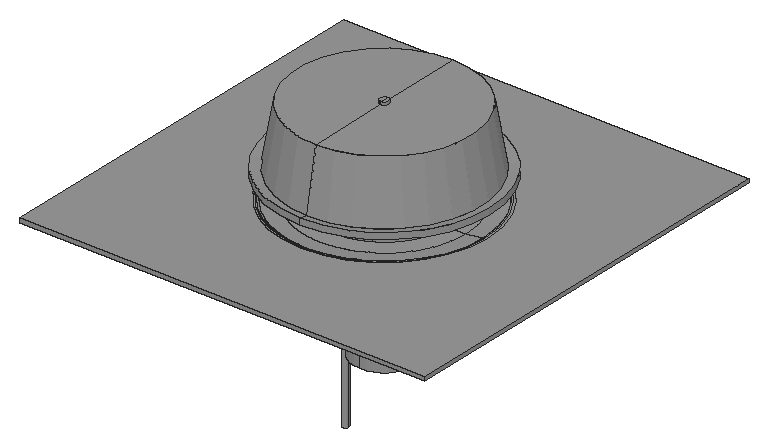
Revit family "HL_RU_Roof drain_HL62.1HSafe-B-221103", category Sanitärinstallationen, Revit 2020
Family settings
  Bemaßung runder Anschluss = Durchmesser verwenden
  Teiletyp = Normal
  OmniClass-Nummer = 23.70.50.21.24.14
  OmniClass-Titel = Deck Waste Water Drains
  Arbeitsebenenbasiert = Nein
  Immer vertikal = Ja
  Beim Laden mit Abzugskörper schneiden = Nein
  Gemeinsam genutzt = Nein
  Raumberechnungspunkt = Ja
Parameters (values of type "HL_Кровельная воронка_HL62.1HSafe_7")
  РЕШЁТКА = "Laubfangkorb d 262 mm"
  РАЗМЕР = "DN75"
  ПРОПУСКНАЯ СПОСОБНОСТЬ [instance] = 0.0 L/s
  ПРОИЗВОДИТЕЛЬНОСТЬ = "l/s"
  ПРАВОВАЯ ИНФОРМАЦИЯ = "Авторские права(©), права на дизайн или какие либо другие права интелектуальной собственности являются исключительной собственностью компании HL Hutterer & Lechner. Изменению не подлежит. Файл семейства с данными о прозводителе изделия защищен паролем с водяным знаком."
  НОМИНАЛЬНЫЙ ДИАМЕТР = 75 mm
  МАТЕРИАЛ = "PP"
  ВЫСОТА МОНТАЖА = "100mm"
  ВЕС = "3,371 [kg]"
  Vorgabe-Ansicht = 0 mm
  Hersteller = "HL Hutterer & Lechner GmbH"  # constant formula
  URL = "http://www.hutterer-lechner.com/ru/products/catalog/roof-drains/HL62.1HSafe/7.aspx"
  Материал плитка [instance] = none
  Lüftungsverbindung = no
  Abwasserrohrverbindung = yes
  HW-Verbindung = no
  KW-Verbindung = no
  Beschreibung = "Кровельные воронки"
  Model = "HL62.1HSafe_7"
  Assembly Code = " "
  Typenkommentare = "HL62.1HSafe/7, Воронка для аварийного водостока DN75 с электрообогревом, с полимербитумным полотном, с возможностью регулировки толщины слоя воды"
  Keynote = "HL62.1HSafe_7"
  Bысота монтажа [instance] = 28 mm  # constant formula
  G [instance] = 180.00°  # constant formula
  EAN = "9003076040704"
  D [instance] = if(НОМИНАЛЬНЫЙ ДИАМЕТР = 160 mm, 64.6 mm, 71.7 mm) + Bысота монтажа  # 99.7 mm
  C [instance] = if(Bысота монтажа - 68 mm < 0 mm, 0 mm, Bысота монтажа - 68 mm)  # 0 mm
  B [instance] = 100 mm  # constant formula
  A [instance] = if(B - 100 mm > 15 mm, B - 100 mm, 15 mm)  # 15 mm
Types (5, lengths in mm): name | РАЗМЕР | НОМИНАЛЬНЫЙ ДИАМЕТР | ВЕС | URL | Model | Typenkommentare | Keynote | EAN | D
  (no name) | "DN75" | 75 | "3,371 [kg]" | "http://www.hutterer-lechner.com/ru/products/catalog/roof-drains/HL62.1HSafe/7.aspx" | "HL62.1HSafe_7" | "HL62.1HSafe/7, Воронка для аварийного водостока DN75 с электрообогревом, с полимербитумным полотном, с возможностью регулировки толщины слоя воды" | "HL62.1HSafe_7" | "9003076040704" | 99.7
  HL_Кровельная воронка_HL62.1HSafe_1 | "DN110" | 110 | "3,611 [kg]" | "http://www.hutterer-lechner.com/ru/products/catalog/roof-drains/HL62.1HSafe/1.aspx" | "HL62.1HSafe_1" | "HL62.1HSafe/1, Воронка для аварийного водостока DN110 с электрообогревом, с полимербитумным полотном, с возможностью регулировки толщины слоя воды" | "HL62.1HSafe_1" | "9003076040674" | 99.7
  HL_Кровельная воронка_HL62.1HSafe_2 | "DN125" | 125 | "3,621 [kg]" | "http://www.hutterer-lechner.com/ru/products/catalog/roof-drains/HL62.1HSafe/2.aspx" | "HL62.1HSafe_2" | "HL62.1HSafe/2, Воронка для аварийного водостока DN125 с электрообогревом, с полимербитумным полотном, с возможностью регулировки толщины слоя воды" | "HL62.1HSafe_2" | "9003076040681" | 99.7
  HL_Кровельная воронка_HL62.1HSafe_5 | "DN160" | 160 | "3,631 [kg]" | "http://www.hutterer-lechner.com/ru/products/catalog/roof-drains/HL62.1HSafe/5.aspx" | "HL62.1HSafe_5" | "HL62.1HSafe/5, Воронка для аварийного водостока DN160 с электрообогревом, с полимербитумным полотном, с возможностью регулировки толщины слоя воды" | "HL62.1HSafe_5" | "9003076040698" | 92.6
  HL_Кровельная воронка_HL62.1HSafe_7 | "DN75" | 75 | "3,371 [kg]" | "http://www.hutterer-lechner.com/ru/products/catalog/roof-drains/HL62.1HSafe/7.aspx" | "HL62.1HSafe_7" | "HL62.1HSafe/7, Воронка для аварийного водостока DN75 с электрообогревом, с полимербитумным полотном, с возможностью регулировки толщины слоя воды" | "HL62.1HSafe_7" | "9003076040704" | 99.7
Reference planes
  plane 1 "Center (Front/Back)": y = 0
  plane 2: z = 0
  plane 3 "Center (Left/Right)": x = 0
  plane 4: z = -100
  plane 5: z = -28
Lines and regions (mm)
  model lines, style "InvisibleLines"
    curve 1: line (0, 0, 0) -> (0, 0, 20)
  model lines, style "PlumbingFixtures", detail levels coarse+medium
    curve 2: line (0, 0, -100) -> (0, 0, -85)
    curve 3: line (0, 0, -85) -> (-85, 0, 0)
    curve 4: line (0, 0, -85) -> (85, 0, 0)
    curve 6: line (0, 0, -100) -> (0, 0, -199.7)
  reference lines, not visible
    curve 5: line (0, 0, -100) -> (0, 0, -199.7)
  symbolic lines, style "PlumbingFixtures", detail levels coarse+medium
    curve 7: line (-75, 75, 0) -> (75, 75, 0)
    curve 8: line (-75, -75, 0) -> (-75, 75, 0)
    curve 9: line (75, -75, 0) -> (-75, -75, 0)
    curve 10: line (75, 75, 0) -> (75, -75, 0)
    curve 11: line (-75, 75, 0) -> (-145.711, 145.711, 0)
    curve 12: line (75, 75, 0) -> (145.711, 145.711, 0)
    curve 13: line (-75, -75, 0) -> (-145.711, -145.711, 0)
    curve 14: line (75, -75, 0) -> (145.711, -145.711, 0)
  symbolic lines, style "PlumbingFixtures", not visible, detail levels coarse+medium
    curve 15: line (-75, 75, 0) -> (75, 75, 0)
    curve 16: line (-75, -75, 0) -> (-75, 75, 0)
    curve 17: line (75, -75, 0) -> (-75, -75, 0)
    curve 18: line (75, 75, 0) -> (75, -75, 0)
    curve 19: line (-75, 75, 0) -> (-145.711, 145.711, 0)
    curve 20: line (75, 75, 0) -> (145.711, 145.711, 0)
    curve 21: line (-75, -75, 0) -> (-145.711, -145.711, 0)
    curve 22: line (75, -75, 0) -> (145.711, -145.711, 0)
Text (mm)
  text "FLOOR" at (-162.344, 0, -10.979), in view "Drain Construction View"
Dimensions and locks
  "B": plane 2 to plane 4
  "Bысота монтажа": plane 2 to plane 5
  "A": curve 4 to plane 4
  "D": curve 5 to curve 5
  "D": curve 6 to curve 6
  locked: curve 4 to plane 3 "Center (Left/Right)" (angle 45.00°)
  locked: plane 3 "Center (Left/Right)" to curve 3 (angle 45.00°)
  "G": angle curve 5 to plane 3 "Center (Left/Right)"
  aligned and locked: level to plane 2
  aligned and locked: plane 2 to curve 4
  aligned and locked: plane 2 to curve 3
  aligned and locked: plane 4 to curve 5
  aligned and locked: plane 3 "Center (Left/Right)" to curve 5
  aligned and locked: plane 4 to curve 2
  aligned and locked: curve 6 to plane 3 "Center (Left/Right)"
  aligned and locked: curve 6 to plane 4
  aligned and locked: nested 1 to plane 3 "Center (Left/Right)"
  aligned and locked: nested 1 to plane 5
  aligned and locked: nested 2 to plane 2
  aligned and locked: plane 3 "Center (Left/Right)" to nested 2
Automatic sketch dimensions
  curve 2 to plane 3 "Center (Left/Right)" = 0 mm
  curve 1 to plane 3 "Center (Left/Right)" = 0 mm
  curve 1 to level = 0 mm
  level to curve 1 = 20 mm
Nested families
  nested 1: "HL_кровельные воронки - корпус_HL62.1H" at (0, 0, -32.7), НОМИНАЛЬНЫЙ ДИАМЕТР <- "НОМИНАЛЬНЫЙ ДИАМЕТР", type "HL_кровельные воронки - корпус_HL62.1H"
    with НОМИНАЛЬНЫЙ ДИАМЕТР 75 mm, OOD 48 mm, L 65 mm
  nested 2: "HL_Вспомогательные материалы-Противопожарная защита_HL062.1Safe" at (0, 0, 0), Bысота монтажа <- "Bысота монтажа", type "HL_Вспомогательные материалы-Противопожарная защита_HL062.1Safe"
    with Пропускная способность 0.0 L/s, L 58 mm, IHmin 28 mm, IHmax 68 mm, Bысота монтажа 28 mm
Connectors
  piping at (0, 0, -199.7), diameter 75, driven by "ПРОПУСКНАЯ СПОСОБНОСТЬ", driven by "НОМИНАЛЬНЫЙ ДИАМЕТР"
    settings: on curve 5, index 1, connector inside diameter 609.6 mm, connector length 0 mm, flow factor 0, pipe flow 0.0 L/s, pressure drop 0.0 Pa, fitting loss kfactor 0, connector angle 0.00°, fixture units 0, engagement length 0 mm, angle of deflection 0.00°, flow configuration 1, flow direction 2, fitting loss method 0, system type 16, joint type 0, gender type 0, connector reference index -1, connector utility 0, adjustable connector yes, is connector primary yes, connector description ""
Definition of nested family "HL_кровельные воронки - корпус_HL62.1H"
  Parameters (values of type "HL_кровельные воронки - корпус_HL62.1H")
    НОМИНАЛЬНЫЙ ДИАМЕТР [instance] = 110 mm
    Default Elevation = 0 mm
    Manufacturer = ""
    URL = ""
    Description = ""
    OOD [instance] = if(НОМИНАЛЬНЫЙ ДИАМЕТР = 75 mm, 48 mm, if(НОМИНАЛЬНЫЙ ДИАМЕТР = 110 mm, 63.7 mm, if(НОМИНАЛЬНЫЙ ДИАМЕТР = 125 mm, 69 mm, if(НОМИНАЛЬНЫЙ ДИАМЕТР = 160 mm, 111 mm, 0 mm))))  # 63.7 mm
    Model = ""
    L [instance] = if(НОМИНАЛЬНЫЙ ДИАМЕТР = 160 mm, 57.9 mm, 65 mm)  # 65 mm
    Type Comments = ""
    Cost = 0
  Reference planes
    plane 1 "Střed (vpředu/vzadu)": y = 0
    plane 2: z = 0
    plane 3 "Střed (vlevo/vpravo)": x = 0
    plane 4: z = -102.02
  Forms (mm)
    Revolve 1, solid, detail levels fine
      sketch origin (0, 0, 0) x (1, 0, 0) y (0, 0, 1)
        loop
          line (-77.396, -30.784) -> (-82.772, -25.408) -> (-82.772, -4.05) -> (-102.772, -4.05) -> (-113.899, 0) -> (-177, 0) -> (-177, -3) -> (-127.89, -3) -> (-105.416, -11.18) -> (-88.084, -11.18) -> (-88.084, -27.167) -> (-79.985, -31.474) -> (-79.985, -102.02) -> (0, -102.02) -> (0, -35.37) -> (-76.081, -35.37) -> (-77.396, -30.784)
        axis (0, 0) -> (0, -102.02)
      angle from 0 to 360
    Extrusion 2, solid, detail levels fine
      sketch origin (0, 0, 0) x (1, 0, 0) y (0, 1, 0)
        loop
          line (-250, 250) -> (-250, -250) -> (250, -250) -> (250, 250) -> (-250, 250)
        loop
          circle (0, 0) r 127.89
      from 0 to 4.7
    Sweep 3, solid, detail levels fine
      path origin (-63.7, 0, -263.782) x (0, 0, 1) y (-1, 0, 0)
        loop
          line (0, 0) -> (166.285, 0)
          arc (166.285, 0) -> (176.156, -4.089) -> (180.245, -13.96) r 13.96
          line (180.245, -13.96) -> (180.245, -31.056)
      profile origin (-63.7, 0, -180.64) x (-1, 0, 0) y (0, -1, 0)
        loop
          circle (0, 0) r 4
    Revolve 4, solid, detail levels fine
      sketch origin (0, 0, 0) x (1, 0, 0) y (0, 0, 1)
        loop
          line (-124.587, 4.544) -> (-123.526, 3.482) -> (-101.674, 0.256) -> (-79.715, 0.256) -> (-79.715, -21.456) -> (-75.875, -21.456) -> (-75.875, -25.656) -> (-74.936, -25.656) -> (-74.936, -20.879) -> (-79.089, -20.879) -> (-79.089, 1.344) -> (-101.196, 1.344) -> (-121.893, 3.519) -> (-123.356, 4.544) -> (-124.587, 4.544)
        axis (0, 4.544) -> (0, -25.656)
      angle from 0 to 360
    Extrusion 5, solid, detail levels fine
      sketch origin (-79.985, 0, -102.02) x (0, -1, 0) y (-1, 0, 0)
        loop
          circle (0, -79.985) r 55
      from 0 to 65
  Lines and regions (mm)
    reference lines
      curve 1: line (-63.7, 0, -263.782) -> (-63.7, 0, -203.782)
  Dimensions and locks
    "OOD": plane 3 "Střed (vlevo/vpravo)" to curve 1
    "L": plane 4 to Extrusion 5
    "НОМИНАЛЬНЫЙ ДИАМЕТР": diameter of Extrusion 5 sketch curve
    aligned and locked: level to plane 2
    aligned and locked: Extrusion 5 to plane 4
  Automatic sketch dimensions
    Revolve 1 sketch curve to level = 0 mm
    Revolve 1 sketch curve to plane 3 "Střed (vlevo/vpravo)" = 0 mm  (x2)
    Revolve 1 sketch curve to level = 35.37 mm
    Revolve 1 sketch curve to plane 3 "Střed (vlevo/vpravo)" = 76.081 mm
    Revolve 1 sketch curve to level = 30.784 mm
    Revolve 1 sketch curve to Revolve 1 sketch curve = 1.315 mm
    Revolve 1 sketch curve to Revolve 1 sketch curve = 3.904 mm
    Revolve 1 sketch curve to level = 4.05 mm
    Revolve 1 sketch curve to Revolve 1 sketch curve = 5.376 mm
    Revolve 1 sketch curve to Revolve 1 sketch curve = 5.312 mm
    Revolve 1 sketch curve to Revolve 1 sketch curve = 14.688 mm
    Revolve 1 sketch curve to Revolve 1 sketch curve = 2.644 mm
    Revolve 1 sketch curve to Revolve 1 sketch curve = 11.127 mm
    Revolve 1 sketch curve to level = 3 mm
    Revolve 1 sketch curve to Revolve 1 sketch curve = 13.991 mm
    Revolve 1 sketch curve to Revolve 1 sketch curve = 49.11 mm
    Revolve 1 sketch curve to Revolve 1 sketch curve = 66.65 mm
    Revolve 1 sketch curve to Revolve 1 sketch curve = 0.689 mm
    Revolve 1 sketch curve to Revolve 1 sketch curve = 4.306 mm
    Revolve 1 sketch curve to Revolve 1 sketch curve = 1.759 mm
    Revolve 1 sketch curve to Revolve 1 sketch curve = 7.13 mm
    Revolve 1 sketch curve to Revolve 1 sketch curve = 197.98 mm
    level to Revolve 1 sketch curve = 295.621 mm
    plane 1 "Střed (vpředu/vzadu)" to Extrusion 2 sketch curve = 0 mm
    Extrusion 2 sketch curve to plane 3 "Střed (vlevo/vpravo)" = 0 mm
    Extrusion 2 sketch curve to plane 3 "Střed (vlevo/vpravo)" = 250 mm
    plane 3 "Střed (vlevo/vpravo)" to Extrusion 2 sketch curve = 250 mm
    plane 1 "Střed (vpředu/vzadu)" to Extrusion 2 sketch curve = 250 mm
    Extrusion 2 sketch curve to plane 1 "Střed (vpředu/vzadu)" = 250 mm
    plane 1 "Střed (vpředu/vzadu)" to Sweep 3 sketch curve = 0 mm
    Sweep 3 sketch curve to profile plane = 0 mm
    Revolve 4 sketch curve to plane 3 "Střed (vlevo/vpravo)" = 0 mm
    Revolve 4 sketch curve to level = 25.656 mm
    Revolve 4 sketch curve to plane 3 "Střed (vlevo/vpravo)" = 74.936 mm
    Revolve 4 sketch curve to Revolve 4 sketch curve = 0.939 mm
    level to Revolve 4 sketch curve = 1.344 mm
    Revolve 4 sketch curve to Revolve 4 sketch curve = 4.153 mm
    Revolve 4 sketch curve to Revolve 4 sketch curve = 0.626 mm
    Revolve 4 sketch curve to Revolve 4 sketch curve = 21.481 mm
    level to Revolve 4 sketch curve = 0.256 mm
    Revolve 4 sketch curve to Revolve 4 sketch curve = 0.479 mm
    level to Revolve 4 sketch curve = 3.519 mm
    Revolve 4 sketch curve to Revolve 4 sketch curve = 20.219 mm
    level to Revolve 4 sketch curve = 4.544 mm
    Revolve 4 sketch curve to Revolve 4 sketch curve = 1.463 mm
    level to Revolve 4 sketch curve = 3.482 mm
    Revolve 4 sketch curve to Revolve 4 sketch curve = 0.169 mm
    Revolve 4 sketch curve to Revolve 4 sketch curve = 1.231 mm
    Revolve 4 sketch curve to Revolve 4 sketch curve = 4.2 mm
    Revolve 4 sketch curve to Revolve 4 sketch curve = 0.577 mm
    Revolve 4 sketch curve to Revolve 4 sketch curve = 274.344 mm
    level to Revolve 4 sketch curve = 295.621 mm
    Sweep 3 sketch curve to curve 1 = 0 mm  (x2)
    Sweep 3 sketch curve to Sweep 3 sketch curve = 17.096 mm
    curve 1 to Sweep 3 sketch curve = 13.96 mm
    curve 1 to Sweep 3 sketch curve = 106.285 mm
    plane 4 to curve 1 = 161.762 mm
    curve 1 to curve 1 = 60 mm
    plane 1 "Střed (vpředu/vzadu)" to Extrusion 5 sketch curve = 0 mm
    Extrusion 5 sketch curve to plane 3 "Střed (vlevo/vpravo)" = 0 mm
    radius of Extrusion 2 sketch curve = 127.89 mm
    radius of Sweep 3 sketch curve = 4 mm
Definition of nested family "HL_Вспомогательные материалы-Противопожарная защита_HL062.1Safe"
  Parameters (values of type "HL_Вспомогательные материалы-Противопожарная защита_HL062.1Safe")
    РЕШЁТКА = "Laubfangkorb d 262 mm"
    ПРАВОВАЯ ИНФОРМАЦИЯ = "Авторские права(©), права на дизайн или какие либо другие права интелектуальной собственности являются исключительной собственностью компании HL Hutterer & Lechner. Изменению не подлежит. Файл семейства с данными о прозводителе изделия защищен паролем с водяным знаком."
    МАТЕРИАЛ = "PP"
    ВЕС = "1,25 [kg]"
    Default Elevation = 0 mm
    Manufacturer = "HL Hutterer & Lechner GmbH"
    URL = "http://www.hutterer-lechner.com/ru/products/catalog/roof-drains/HL062.1Safe.aspx"
    Материал плитка = none
    Description = "Кровельные воронки"
    Model = "HL062.1Safe"
    L [instance] = if(Bысота монтажа < IHmin, -100 mm, if(Bысота монтажа > IHmax, -100 mm, Bысота монтажа + 30 mm))  # 58 mm
    Type Comments = "HL062.1Safe, Вставка в воронку для аварийного водоотведения"
    Keynote = "HL062.1Safe"
    Bысота монтажа [instance] = 28 mm
    IHmin [instance] = 28 mm
    IHmax [instance] = 68 mm
    Пропускная способность [instance] = 0.0 L/s
    EAN = "9003076040605"
    Cost = 0
  Reference planes
    plane 1 "Střed (vpředu/vzadu)": y = 0
    plane 2: z = 0
    plane 3 "Střed (vlevo/vpravo)": x = 0
  Forms (mm)
    Revolve 1, solid, detail levels fine
      sketch origin (0, 0, 0) x (0, 1, 0) y (0, 0, 1)
        loop
          line (0, 81.1) -> (-5.25, 81.1) -> (-5.25, 78.5) -> (-106.614, 78.5) -> (-119.486, 5.5) -> (-101.611, 5.5) -> (-90.568, 68.124) -> (0, 68.124) -> (0, 81.1)
        axis (0, 81.1) -> (0, 5.5)
      angle from 0 to 360
    Extrusion 2, solid, detail levels fine
      sketch origin (0, 0, 68.124) x (-1, 0, 0) y (0, 1, 0)
        loop
          circle (-50, 0) r 11.945
      from 0 to 82.224
    Extrusion 3, solid, detail levels fine
      sketch origin (-100, 0, 68.124) x (-1, 0, 0) y (0, 1, 0)
        loop
          circle (-50, 0) r 11.945
      from 0 to 82.224
    Revolve 4, solid, detail levels fine
      sketch origin (0, 0, 0) x (0, 1, 0) y (0, 0, 1)
        loop
          line (-130.983, 7.735) -> (-130.983, 0) -> (-69.061, 0) -> (-64.445, -4.616) -> (-64.445, -65.123) -> (-63.068, -66.5) -> (-58.068, -66.5) -> (-58.068, -4.58) -> (-68.148, 5.5) -> (-119.486, 5.5) -> (-130.983, 7.735)
        axis (0, 7.735) -> (0, -66.5)
      angle from 0 to 360
    Revolve 5, solid, detail levels fine
      sketch origin (0, 69.895, -58) x (0, -1, 0) y (0, 0, -1)
        loop
          line (149.29, -29.5) -> (149.29, -9.5) -> (139.79, 0) -> (134.34, 0) -> (134.34, -44) -> (138.069, -44) -> (138.069, -29.5) -> (149.29, -29.5)
        axis (69.895, -44) -> (69.895, 0)
      angle from 0 to 360
  Lines and regions (mm)
    reference lines
      curve 1: line (0, 69.895, -58) -> (0, -190.105, -58)
  Dimensions and locks
    "L": curve 1 to plane 2
    aligned and locked: level to plane 2
  Automatic sketch dimensions
    Revolve 1 sketch curve to plane 1 "Střed (vpředu/vzadu)" = 0 mm  (x2)
    plane 1 "Střed (vpředu/vzadu)" to Revolve 1 sketch curve = 5.25 mm
    Revolve 1 sketch curve to Revolve 1 sketch curve = 85.318 mm
    level to Revolve 1 sketch curve = 5.5 mm
    Revolve 1 sketch curve to Revolve 1 sketch curve = 11.042 mm
    Revolve 1 sketch curve to Revolve 1 sketch curve = 16.046 mm
    Revolve 1 sketch curve to Revolve 1 sketch curve = 17.876 mm
    Revolve 1 sketch curve to Revolve 1 sketch curve = 62.624 mm
    Revolve 1 sketch curve to Revolve 1 sketch curve = 10.376 mm
    Revolve 1 sketch curve to Revolve 1 sketch curve = 2.6 mm
    Revolve 1 sketch curve to Revolve 1 sketch curve = 40 mm
    Revolve 1 sketch curve to Revolve 1 sketch curve = 25 mm
    Extrusion 2 sketch curve to Revolve 1 = 50 mm
    Revolve 1 to Extrusion 3 sketch curve = 50 mm
    level to Revolve 4 sketch curve = 0 mm
    Revolve 4 sketch curve to plane 1 "Střed (vpředu/vzadu)" = 0 mm
    plane 1 "Střed (vpředu/vzadu)" to Revolve 4 sketch curve = 58.068 mm
    Revolve 4 sketch curve to Revolve 4 sketch curve = 5 mm
    Revolve 4 sketch curve to Revolve 4 sketch curve = 1.377 mm  (x2)
    Revolve 4 sketch curve to Revolve 4 sketch curve = 3.703 mm
    Revolve 4 sketch curve to Revolve 4 sketch curve = 0.913 mm
    level to Revolve 4 sketch curve = 5.5 mm
    Revolve 4 sketch curve to Revolve 4 sketch curve = 50.425 mm
    Revolve 4 sketch curve to Revolve 4 sketch curve = 11.497 mm
    Revolve 4 sketch curve to level = 4.58 mm
    Revolve 4 sketch curve to level = 4.616 mm
    Revolve 4 sketch curve to Revolve 4 sketch curve = 60.507 mm
    level to Revolve 4 sketch curve = 7.735 mm
    Revolve 4 sketch curve to Revolve 4 sketch curve = 10 mm
    Revolve 4 sketch curve to Revolve 4 sketch curve = 35 mm
    Revolve 5 sketch curve to curve 1 = 0 mm
    curve 1 to Revolve 5 sketch curve = 44 mm
    Revolve 5 sketch curve to curve 1 = 125.66 mm
    Revolve 5 sketch curve to Revolve 5 sketch curve = 3.729 mm
    Revolve 5 sketch curve to Revolve 5 sketch curve = 5.45 mm
    Revolve 5 sketch curve to Revolve 5 sketch curve = 11.221 mm
    Revolve 5 sketch curve to Revolve 5 sketch curve = 14.5 mm
    curve 1 to Revolve 5 sketch curve = 9.5 mm
    curve 1 to Revolve 5 sketch curve = 69.895 mm
    Revolve 5 sketch curve to curve 1 = 15 mm
    Revolve 5 sketch curve to Revolve 5 sketch curve = 40 mm
    plane 1 "Střed (vpředu/vzadu)" to curve 1 = 190.105 mm
    curve 1 to plane 1 "Střed (vpředu/vzadu)" = 69.895 mm
    radius of Extrusion 2 sketch curve = 11.945 mm
    radius of Extrusion 3 sketch curve = 11.945 mm
